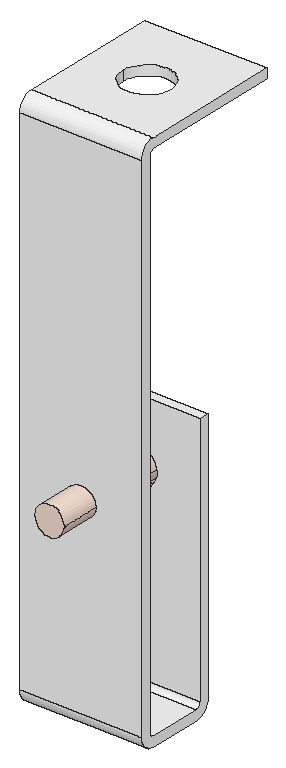
Revit family "C-38ビス付ハンガー(内折れ)", category 機械設備, Revit 2020
Family settings
  丸型コネクタ寸法 = 直径を使用
  種別 = なし
  パーツ タイプ = 標準
  作業面ベース = いいえ
  常に垂直 = はい
  ロード時にボイドで切り取り = いいえ
  共有 = いいえ
  部屋計算ポイント = いいえ
Parameters
  製造元 = "株式会社桐井製作所"
  既定の高さ = 0 mm
  URL = "https://www.kirii.co.jp/"
  K_材質 = "SGHC　一般用"
  K_品名 = "C-38ビス付ハンガー(内折れ)"
  K_名称 = "その他ハンガー"
  K_入数 = "200"
  K_バージョン情報 = "20211012"
  K_めっき付着量 = "Z12"
  K_JIS規格 = "JIS G 3302"
Reference planes
  plane 1 "中心(正面/背面)": y = 0
  plane 2: z = 0
  plane 3 "中心(左/右)": x = 0
  plane 4: x = 12.5
  plane 5: x = -12.5
Forms (mm)
  Extrusion 1, void
    sketch origin (0, 45.021, -44.6) x (1, 0, 0) y (0, 1, 0)
      loop
        circle (0, -30.005) r 5
    from 152.6 to 154.6
  Extrusion 2, solid
    sketch origin (2.5, 0, 0) x (0, 1, 0) y (0, 0, 1)
      loop
        line (0, 1) -> (0, 107)
        arc (0, 107) -> (0.293, 107.707) -> (1, 108) r 1
        line (1, 108) -> (30, 108) -> (30, 110) -> (1, 110)
        arc (1, 110) -> (-1.121, 109.121) -> (-2, 107) r 3
        line (-2, 107) -> (-2, 1)
        arc (-2, 1) -> (-1.121, -1.121) -> (1, -2) r 3
        line (1, -2) -> (12, -2)
        arc (12, -2) -> (14.121, -1.121) -> (15, 1) r 3
        line (15, 1) -> (15, 53) -> (13, 53) -> (13, 1)
        arc (13, 1) -> (12.707, 0.293) -> (12, 0) r 1
        line (12, 0) -> (1, 0)
        arc (1, 0) -> (0.293, 0.293) -> (0, 1) r 1
    from -15 to 10
  Extrusion 3, void
    sketch origin (0, 0, 0) x (1, 0, 0) y (0, 0, 1)
      loop
        circle (0, 40) r 3.75
    from -15 to -13
  Extrusion 4, void
    sketch origin (0, 0, 0) x (1, 0, 0) y (0, 0, 1)
      loop
        circle (0, 40) r 3
    from 0 to 2
Cuts and joins
  Extrusion 1, Extrusion 3, Extrusion 4 cuts Extrusion 2
Dimensions and locks
  aligned and locked: level to plane 2
Nested families
  nested 1: "M6×25ボルト" at (-0.011, 15, 40.2) x (-1, 0, 0) z (0, 0, 1), type "M6×25ボルト"
Definition of nested family "M6×25ボルト"
  Parameters (values of type "M6×25ボルト")
    Manufacturer = "株式会社桐井製作所"
    Default Elevation = 0 mm
    URL = "https://www.kirii.co.jp/"
    K_名称 = "M6×45ボルト"
  Reference planes
    plane 1 "中心(正面/背面)": y = 0
    plane 2: z = 0
    plane 3 "中心(左/右)": x = 0
    plane 4 "正面": y = -4
  Forms (mm)
    Extrusion 1, solid
      sketch origin (0, 0, 0) x (1, 0, 0) y (0, 0, 1)
        loop
          line (-4.763, -2.946) -> (0, -5.696) -> (4.763, -2.946) -> (4.763, 2.554) -> (0, 5.304) -> (-4.763, 2.554) -> (-4.763, -2.946)
      from 0 to 4
    Extrusion 2, void
      sketch origin (0, -4, 0) x (-1, 0, 0) y (0, 0, 1)
        loop
          circle (0, -0.156) r 4.396
      from 0 to 1
    Extrusion 3, void
      sketch origin (0, -4, 0) x (-1, 0, 0) y (0, 0, 1)
        loop
          arc (-0.6, 1.814) -> (-1.069, 0.856) -> (-2.036, 0.404) r 1.605
          line (-2.036, 0.404) -> (-2.939, 0.404)
          arc (-2.939, 0.404) -> (-3, -0.195) -> (-2.94, -0.795) r 3
          line (-2.94, -0.795) -> (-2.049, -0.795)
          arc (-2.049, -0.795) -> (-1.074, -1.243) -> (-0.6, -2.206) r 1.605
          line (-0.6, -2.206) -> (-0.6, -3.135)
          arc (-0.6, -3.135) -> (0, -3.196) -> (0.6, -3.135) r 3
          line (0.6, -3.135) -> (0.6, -2.206)
          arc (0.6, -2.206) -> (1.074, -1.243) -> (2.049, -0.795) r 1.605
          line (2.049, -0.795) -> (2.94, -0.795)
          arc (2.94, -0.795) -> (3, -0.198) -> (2.941, 0.398) r 3
          line (2.941, 0.398) -> (2.117, 0.398)
          arc (2.117, 0.398) -> (1.098, 0.828) -> (0.6, 1.814) r 1.605
          line (0.6, 1.814) -> (0.6, 2.743)
          arc (0.6, 2.743) -> (0, 2.804) -> (-0.6, 2.743) r 3
          line (-0.6, 2.743) -> (-0.6, 1.814)
      from 0 to 2
    Extrusion 4, solid
      sketch origin (0, 0, 0) x (1, 0, 0) y (0, 0, 1)
        loop
          circle (-0.011, -0.2) r 3
      from 0 to -25
  Cuts and joins
    Extrusion 2, Extrusion 3 cuts Extrusion 1
    joined: Extrusion 1, Extrusion 4
  Dimensions and locks
    aligned and locked: level to plane 2
